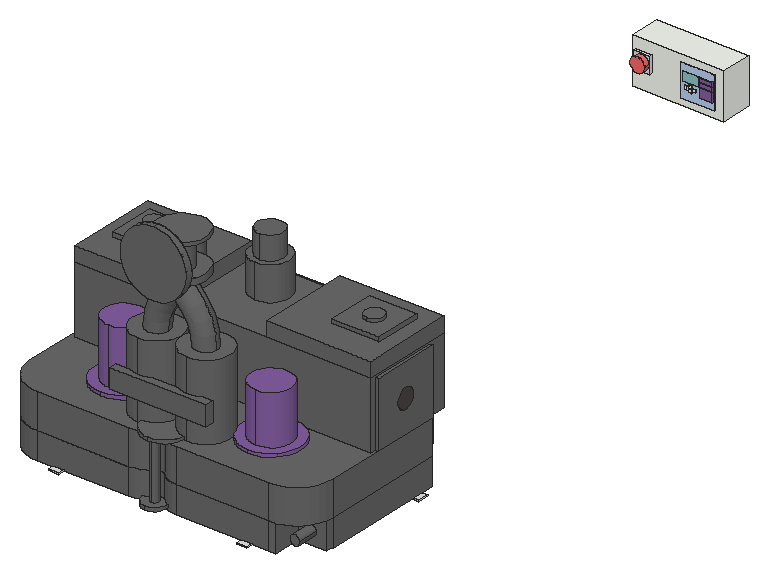
Revit family "11080", category Generic Models, Revit 2021 (continued)
Definition of nested family "11080_part2_X0Y0"
  Definition of nested family "11080_part2_content"
    Forms (mm)
      Extrusion 35, solid, detail levels medium+fine
        sketch origin (183, -248.4, 535) x (0, 1, 0) y (0, 0, 1)
          loop
            line (0, 61) -> (0, 0) -> (382.4, 0) -> (382.4, 61) -> (0, 61)
        from 0 to 432
      Extrusion 36, solid, detail levels medium+fine
        sketch origin (359.5, -127, 596) x (0, 1, 0) y (0, 0, 1)
          loop
            line (0, 17) -> (0, 0) -> (195, 0) -> (195, 17) -> (0, 17)
        from 0 to 195
      Extrusion 37, solid, detail levels medium+fine
        sketch origin (457, -29.5, 613) x (0, 1, 0) y (-1, 0, 0)
          loop
            circle (0, 0) r 38
        from 0 to 10
      Extrusion 38, solid, detail levels medium+fine
        sketch origin (413, -610, 0) x (0, -1, 0) y (0, 0, 1)
          loop
            line (0, 5) -> (0, 0) -> (26, 0) -> (26, 5) -> (0, 5)
        from 0 to 45
      Extrusion 39, solid, detail levels medium+fine
        sketch origin (-368, -610, 0) x (0, -1, 0) y (0, 0, 1)
          loop
            line (0, 5) -> (0, 0) -> (26, 0) -> (26, 5) -> (0, 5)
        from 0 to 45
      Extrusion 40, solid, detail levels medium+fine
        sketch origin (-614, 55.875, 161) x (0, -1, 0) y (0, 0, 1)
          loop
            line (0, 366.75) -> (0, 0) -> (281.75, 0) -> (281.75, 366.75) -> (0, 366.75)
        from 0 to 15.5
      Extrusion 41, solid, detail levels medium+fine
        sketch origin (-628.5, -85, 392) x (0, 1, 0) y (0, 0, -1)
          loop
            circle (0, 0) r 40
        from 0 to 1.5
      Extrusion 42, solid, detail levels medium+fine
        sketch origin (630.5, 55.875, 161) x (0, -1, 0) y (0, 0, 1)
          loop
            line (0, 366.75) -> (0, 0) -> (281.75, 0) -> (281.75, 366.75) -> (0, 366.75)
        from 0 to 15.5
      Extrusion 43, solid, detail levels medium+fine
        sketch origin (629.5, -84.999, 392) x (0, -1, 0) y (0, 0, -1)
          loop
            circle (0, 0) r 40
        from 0 to 1.5
      Extrusion 44, solid, detail levels medium+fine
        sketch origin (565, -492, 56) x (1, 0, 0) y (0, 0, 1)
          loop
            circle (0, 0) r 20.2
        from 0 to 83.5
      Extrusion 45, solid, detail levels medium+fine
        sketch origin (655.5, -2.5, 0) x (0, -1, 0) y (0, 0, 1)
          loop
            line (0, 5) -> (0, 0) -> (45, 0) -> (45, 5) -> (0, 5)
        from 0 to 35.5
      Extrusion 46, solid, detail levels medium+fine
        sketch origin (-620, -2.5, 0) x (0, -1, 0) y (0, 0, 1)
          loop
            line (0, 5) -> (0, 0) -> (45, 0) -> (45, 5) -> (0, 5)
        from 0 to 35.5
      Extrusion 47, solid, detail levels coarse
        sketch origin (0, -249.75, 0) x (1, 0, 0) y (0, 1, 0)
          loop
            line (-655.5, -400.25) -> (655.5, -400.25) -> (655.5, 400.25) -> (-655.5, 400.25) -> (-655.5, -400.25)
        from 0 to 1037.75
    Dimensions and locks
      aligned and locked: level to plane 2
